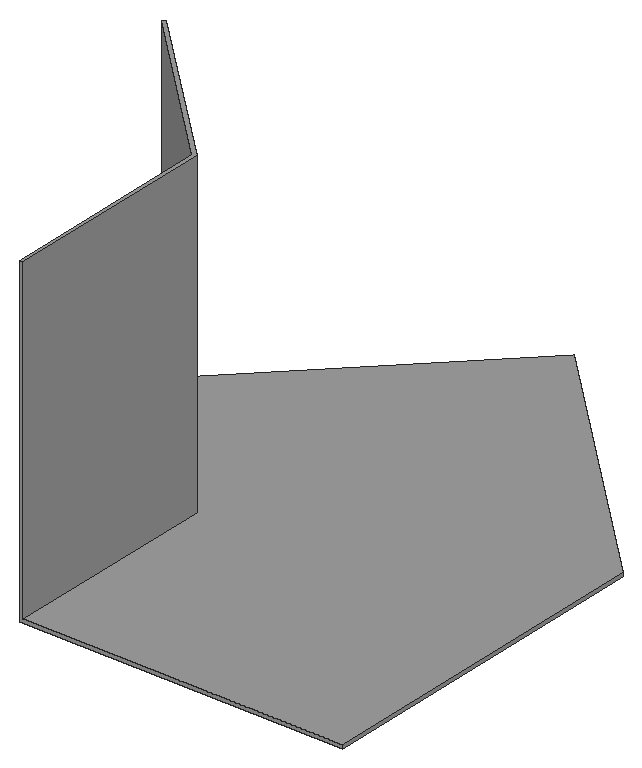
Revit family "Flashing_Preformed_Hyload_Outside135", category Generic Models, Revit 2014
Parameters (values of type "As Specified")
  Unit Width = 0' - 10"
  Unit Height = 0' - 6"
  Unit Depth = 0' - 6"
  URL = "http://www.hyload.com/"
  Thickness = 0' - 0 1/16"
  Specification = "http://www.arcat.com/sdspecs/htm04/07_65_00hyl.htm"
  Sales Information = "http://www.hyload.com/contact-us"
  Revision = "R1_12-2015"
  Product Properties = "http://www.hyload.com/masonry-flashing/preformed-shapes/"
  Product Data = "http://www.arcat.com/arcatcos/cos33/arc33176.html"
  Model = "Outside Corner (135)"
  Manufacturer Website = "http://www.hyload.com/"
  Manufacturer Phone - Toll Free = "800-457-4056"
  Manufacturer Phone = "330-769-3546"
  Manufacturer Fax = "330-769-4153"
  Manufacturer Address = "5020 Panther Pkwy., Seville, OH 44273"
  Manufacturer = "Hyload"
  Keynote = "07 65 00"
  Flashing Material = Hyload Flashing Membrane - Grey
  Drawn By = "Robert S. Weygant / Sumex Design"
  Description = "Preformed Hyload Masonry Flashing - Outside Corner (135)"
  Copyright = "(c) ARCAT, Inc, 2015"
  Construction Details = "http://www.arcat.com/details/hyload/hyload.html?coid=33176"
  Assembly Code = "B3010400"
Reference planes (in)
  plane 1 "Center (Front/Back)": y = 0
  plane 2: z = 0
  plane 3 "Center (Left/Right)": x = 0
  plane 4: z = 6
  plane 5: y = -4
  plane 6: through (1.41421, 7.07107, 48) normal (0.7071, -0.7071, 0)
Forms (in)
  Sweep 1, solid, material "Hyload Flashing Membrane - Grey" <- "Flashing Material"
    path origin (0, 0, 0) x (1, 0, 0) y (0, 1, 0)
      loop
        line (0, -4) -> (0, 0) -> (-2.82843, 2.82843)
    profile origin (0, -2, 0) x (-1, 0, 0) y (0, 0, 1)
      loop
        line (0, 0) -> (0, 6) -> (-0.0625, 6) -> (-0.0625, 0.0625) -> (-6, 0.0625) -> (-6, 0) -> (0, 0)
Dimensions and locks (in)
  "Thickness": Sweep 1 sketch curve to plane 3 "Center (Left/Right)"
  "Thickness": Sweep 1 sketch curve to level
  "Unit Height": plane 4 to level
  locked: Sweep 1 sketch curve to plane 6 at 4
  locked: plane 5 to plane 6 (angle 45.00°)
  aligned and locked: plane 2 to level
  aligned and locked: plane 3 "Center (Left/Right)" to Sweep 1 sketch curve
  aligned and locked: Sweep 1 sketch curve to level
  aligned and locked: plane 4 to Sweep 1 sketch curve
  aligned and locked: plane 5 to Sweep 1 sketch curve
  aligned and locked: plane 6 to Sweep 1 sketch curve
Automatic sketch dimensions
  Sweep 1 sketch curve to profile plane = 0' - 0"
  Sweep 1 sketch curve to Sweep 1 sketch curve = 0' - 5 15/16"
  Sweep 1 sketch curve to plane 1 "Center (Front/Back)" = 0' - 2.82843"
